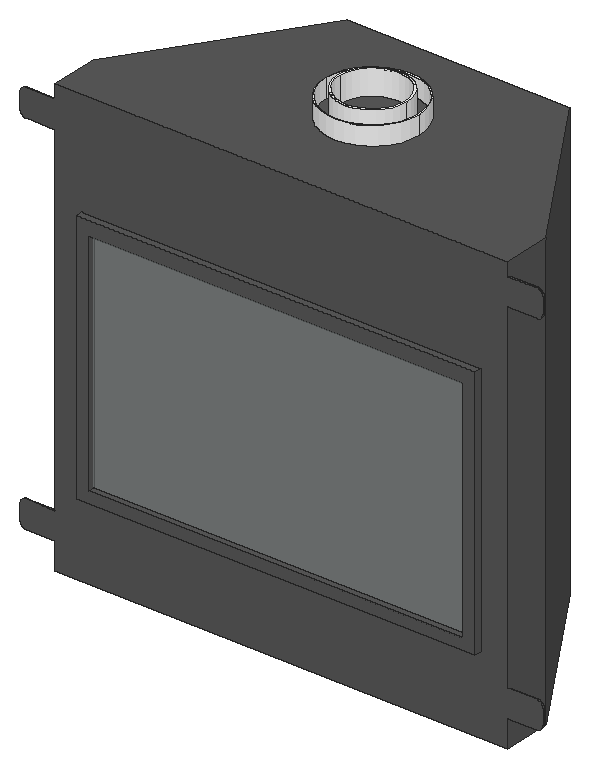
Revit family "montigo-residential-single-sided-fireplace-DELRAY-DRSQ34", category Generic Models, Revit 2019
Family settings
  Can host rebar = No
  Round Connector Dimension = Use Diameter
  Part Type = Normal
  Work Plane-Based = No
  Always vertical = Yes
  Cut with Voids When Loaded = No
  Shared = No
  Room Calculation Point = No
Parameters
  Width = 12 5/16"
  URL = "https://www.montigo.com/"
  Model = ""
  Manufacturer Fax = ""
  Manufacturer Website = "https://www.montigo.com/"
  Manufacturer Phone - Toll Free = "800-378-3115"
  Manufacturer Phone = ""
  Manufacturer Address = "27342 Gloucester Way  Langley, BC, Canada   V4W 4A1"
  Manufacturer = "Montigo"
  Length = 53 7/16"
  Keynote = ""
  Glazing Tint = Glass - Montigo - Tint as Specified
  Frame Material = Metal - Montigo - Black
  Firebox Material = Metal - Montigo - White
  Fire Place Length = 50 5/16"
  Fire Place Height = 24 1/2"
  Fire Place - Opening = 16 9/16"
  Description = "Montigo Fireplace as Specified"
  Base Height = 6 9/16"
Reference planes (in)
  plane 1 "Center (Front/Back)": y = 0
  plane 2: z = 0
  plane 3 "Center (Left/Right)": x = 0
Forms (in)
  Extrusion 1, solid, material "Metal - Montigo - Black" <- "Frame Material"
    sketch origin (0, 0, 0) x (1, 0, 0) y (0, 1, 0)
      loop
        line (-8.3125, 16.5) -> (-16.84375, 3.61069) -> (-16.84375, 0) -> (16.90625, 0) -> (16.90625, 3.51626) -> (8.3125, 16.5) -> (-8.3125, 16.5)
    from 0 to 32.51563
  Extrusion 2, solid, material "Metal - Montigo - Black" <- "Frame Material"
    sketch origin (42.25, -6.4375, 0) x (-1, 0, 0) y (0, 0, -1)
      loop
        line (23.20423, -31.51562) -> (25.34375, -31.51562) -> (25.34375, -32.51563) -> (59.09375, -32.51563) -> (59.09375, -31.51557) -> (61.23326, -31.51557)
        arc (61.23326, -31.51557) -> (61.58669, -31.36989) -> (61.73298, -31.01671) r 0.49841
        line (61.73298, -31.01671) -> (61.73298, -29.97331)
        arc (61.73298, -29.97331) -> (61.587, -29.62088) -> (61.23456, -29.4749) r 0.49841
        line (61.23456, -29.4749) -> (59.09375, -29.4749) -> (59.09375, -4.03933) -> (61.23457, -4.03933)
        arc (61.23457, -4.03933) -> (61.587, -3.89334) -> (61.73298, -3.54091) r 0.49841
        line (61.73298, -3.54091) -> (61.73298, -2.49707)
        arc (61.73298, -2.49707) -> (61.587, -2.14464) -> (61.23457, -1.99866) r 0.49841
        line (61.23457, -1.99866) -> (59.09375, -1.99866) -> (59.09375, 0) -> (25.34375, 0) -> (25.34375, -1.99866) -> (23.20293, -1.99866)
        arc (23.20293, -1.99866) -> (22.8505, -2.14464) -> (22.70451, -2.49707) r 0.49841
        line (22.70451, -2.49707) -> (22.70451, -3.54091)
        arc (22.70451, -3.54091) -> (22.8505, -3.89335) -> (23.20293, -4.03933) r 0.49841
        line (23.20293, -4.03933) -> (25.34375, -4.03933) -> (25.34375, -29.47486) -> (23.20293, -29.47486)
        arc (23.20293, -29.47486) -> (22.8505, -29.62084) -> (22.70451, -29.97328) r 0.49841
        line (22.70451, -29.97328) -> (22.70451, -31.01721)
        arc (22.70451, -31.01721) -> (22.85096, -31.37011) -> (23.20423, -31.51562) r 0.49841
      loop
        line (57.10204, -24.65213) -> (57.10204, -5.75) -> (27.39796, -5.75) -> (27.39796, -24.65213) -> (57.10204, -24.65213)
    from -6.4375 to -6.5
  Extrusion 3, solid, material "Metal - Montigo - Black" <- "Frame Material"
    sketch origin (42.25, -6.4375, 0) x (-1, 0, 0) y (0, 0, -1)
      loop
        line (28.28125, -23.57627) -> (56.21875, -23.57627) -> (56.21875, -6.57627) -> (28.28125, -6.57627) -> (28.28125, -23.57627)
      loop
        line (57.10204, -5.75) -> (27.39796, -5.75) -> (27.39796, -24.65213) -> (57.10204, -24.65213) -> (57.10204, -5.75)
    from -6.4375 to -5.9375
  Extrusion 4, solid, material "Glass - Montigo - Tint as Specified" <- "Glazing Tint"
    sketch origin (42.25, -6.4375, 0) x (-1, 0, 0) y (0, 0, -1)
      loop
        line (28.28125, -23.57627) -> (56.21875, -23.57627) -> (56.21875, -6.57627) -> (28.28125, -6.57627) -> (28.28125, -23.57627)
    from -6.4375 to -6.375
  Extrusion 5, solid, material "Metal - Montigo - White" <- "Firebox Material"
    sketch origin (0, -2.31061, -10.67188) x (1, 0, 0) y (0, 1, 0)
      loop
        circle (0, 10.81061) r 2.44
      loop
        circle (0, 10.81061) r 2.565
    from 43.1875 to 45.0625
  Extrusion 6, solid, material "Metal - Montigo - White" <- "Firebox Material"
    sketch origin (0, -2.31061, -10.67188) x (1, 0, 0) y (0, 1, 0)
      loop
        circle (0, 10.81061) r 3.5
      loop
        circle (0, 10.81061) r 3.4375
    from 43.1875 to 44.5625
Cuts and joins
  joined: Extrusion 1, Extrusion 2
Dimensions and locks (in)
  nested 2 to level = 25 1/16"
  cut or joined group of Extrusion 1, Extrusion 2 to level = 32 33/64"
  cut or joined group of Extrusion 1, Extrusion 2 to cut or joined group of Extrusion 1, Extrusion 2 = 33 3/4"
  cut or joined group of Extrusion 1, Extrusion 2 to plane 1 "Center (Front/Back)" = 16 1/2"
  cut or joined group of Extrusion 1, Extrusion 2 to cut or joined group of Extrusion 1, Extrusion 2 = 16 5/8"
  level to nested 1 = 25 1/16"
  diameter of Extrusion 5 sketch curve = 4.88"
  aligned and locked: level to plane 2
Nested families (in)
  nested 1: "Duct Dia" at (0, 16.5, 25.0625) x (-1, 0, 0) z (0, 1, 0), type "5""
    with Intake Duct Dia 5", Intake Diameter 4 7/8", Height 2"
  nested 2: "Duct Dia" at (0, 16.5, 25.0625) x (-1, 0, 0) z (0, 1, 0), type "7""
    with Intake Duct Dia 7", Intake Diameter 6 7/8", Height 1 1/2"
Connectors (in)
  hvac at (0, 18.5, 25.0625)
    settings: on nested 1, index 4, duct flow 0.0 L/s, flow factor 0, pres drop 0.0 Pa, loss coef 0, conn angle 0.00°, conn width 304.8 mm, conn height 304.8 mm, conn diameter 127 mm, duct sys type 3, conn prof type 0, flow config 0, flow direction 0, loss method 0, conn ref index -1, conn util no, is conn primary yes, conn desc ""
  hvac at (0, 18, 25.0625)
    settings: on nested 2, index 5, duct flow 0.0 L/s, flow factor 0, pres drop 0.0 Pa, loss coef 0, conn angle 0.00°, conn width 304.8 mm, conn height 304.8 mm, conn diameter 177.8 mm, duct sys type 3, conn prof type 0, flow config 0, flow direction 0, loss method 0, conn ref index -1, conn util no, is conn primary no, conn desc ""
Definition of nested family "Duct Dia"
  Parameters (values of type "15 7/8" Dia.")
    Intake Duct Dia = 15 7/8"
    Intake Diameter = Intake Duct Dia - 1/8"  # 15 3/4"
    Height = 4"
    Firebox Material = none
    Default Elevation = 48"
  Types (12): name | Intake Duct Dia | Intake Diameter | Height
    9 7/8" Dia. | 9 7/8" | 9 3/4" | 4"
    7 7/8" Dia | 7 7/8" | 7 3/4" | 4"
    8 1/8" Dia | 8 1/8" | 8" | 1/4"
    11 3/4" Dia | 11 3/4" | 11 5/8" | 4"
    4" Dia | 10" | 9 7/8" | 4"
    7 3/4" Dia | 7 3/4" | 7 5/8" | 4"
    6 7/8" Dia | 6 7/8" | 6 3/4" | 1/4"
    9 3/4" Dia. | 9 3/4" | 9 5/8" | 4"
    7 1/8" Dia | 7 1/8" | 7" | 1/4"
    11 7/8" Dia. | 11 7/8" | 11 3/4" | 4"
    13 7/8" Dia. | 13 7/8" | 13 3/4" | 4"
    15 7/8" Dia. | 15 7/8" | 15 3/4" | 4"
  Reference planes (in)
    plane 1 "Center (Front/Back)": y = 0
    plane 2: z = 0
    plane 3 "Center (Left/Right)": x = 0
    plane 4: z = 4
  Forms (in)
    Extrusion 1, solid
      sketch origin (0, 0, 0) x (1, 0, 0) y (0, 1, 0)
        loop
          line (-48, 48) -> (-48, -48) -> (48, -48) -> (48, 48) -> (-48, 48)
      from 0 to -12
    Extrusion 2, solid, material <- "Firebox Material"
      sketch origin (0, 0, 0) x (1, 0, 0) y (0, 1, 0)
        loop
          circle (0, 0) r 7.9375
        loop
          circle (0, 0) r 7.875
      from 0 to 4
  Dimensions and locks (in)
    "Height": plane 4 to level
    "Intake Duct Dia": diameter of Extrusion 2 sketch curve
    "Intake Diameter": diameter of Extrusion 2 sketch curve
    aligned and locked: plane 2 to Extrusion 1
    aligned and locked: level to Extrusion 1
    aligned and locked: plane 4 to Extrusion 2
  Automatic sketch dimensions
    Extrusion 1 sketch curve to Extrusion 1 sketch curve = 96"  (x2)
    Extrusion 2 sketch curve to Extrusion 2 sketch curve = 0"  (x2)
    plane 1 "Center (Front/Back)" to Extrusion 2 sketch curve = 0"
    Extrusion 2 sketch curve to plane 3 "Center (Left/Right)" = 0"
